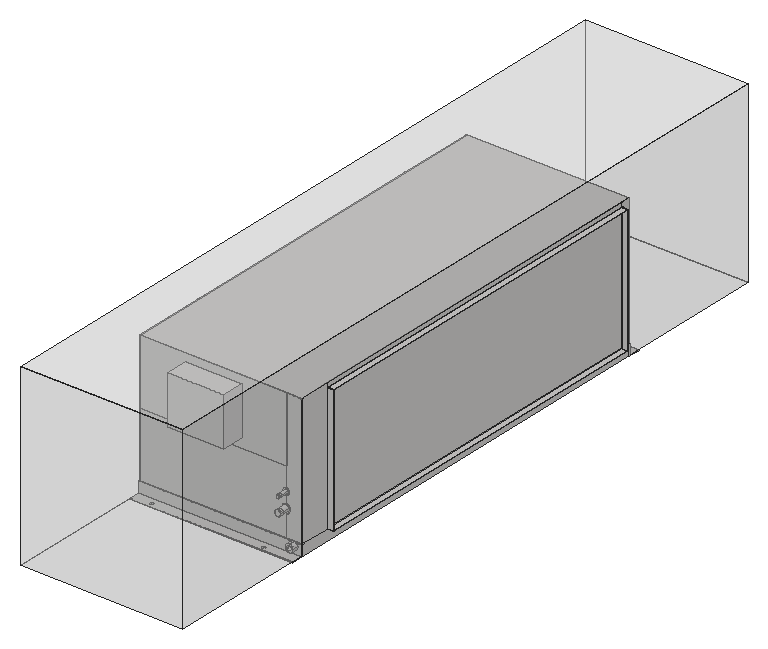
Revit family "outputfile", category 機械設備, Revit 2024 (continued)
Definition of nested family "daikin_rightpanel_FDR-QY1"
  Dimensions and locks
    locked: Extrusion 7 sketch curve to Extrusion 7 sketch curve at 419
    locked: plane 7 to Extrusion 7 sketch curve at 19
    locked: Extrusion 7 sketch curve to Extrusion 7 sketch curve at 355
    locked: Extrusion 8 sketch curve to Extrusion 8 sketch curve at 360
    locked: Extrusion 8 sketch curve to Extrusion 8 sketch curve at 40
    locked: Extrusion 8 sketch curve to plane 2 "Bottom" at 71.4
    locked: Extrusion 9 sketch curve to Extrusion 9 sketch curve at 412
    locked: Extrusion 9 sketch curve to Extrusion 9 sketch curve at 121
    locked: Extrusion 9 sketch curve to Extrusion 9 sketch curve at 47
    locked: Extrusion 9 sketch curve to Extrusion 9 sketch curve at 313
    locked: Extrusion 9 sketch curve to Extrusion 9 sketch curve at 42
    locked: Extrusion 10 sketch curve to Extrusion 10 sketch curve at 82
    locked: Extrusion 10 sketch curve to plane 2 "Bottom" at 61
    locked: Extrusion 11 sketch curve to plane 8 at 19
    locked: Extrusion 11 sketch curve to plane 2 "Bottom" at 61
    "ld_liquidpipe": plane 16 to plane 1 "Center (Front/Back)"
    "ld_gaspipe": plane 17 "ld_g" to plane 1 "Center (Front/Back)"
    "内径_liquidpipe": diameter of Extrusion 12 sketch curve
    "外径_liquidpipe": diameter of Extrusion 13 sketch curve
    "内径_gaspipe": diameter of Extrusion 14 sketch curve
    "外径_gaspipe": diameter of Extrusion 15 sketch curve
    aligned and locked: level to plane 2 "Bottom"
    aligned and locked: Extrusion 1 sketch curve to plane 9
    aligned and locked: Extrusion 1 sketch curve to plane 7
    aligned and locked: plane 10 to Extrusion 1 sketch curve
    aligned and locked: Extrusion 1 sketch curve to plane 8
    aligned and locked: Extrusion 1 to plane 11
    aligned and locked: Extrusion 1 to plane 1 "Center (Front/Back)"
    aligned and locked: Extrusion 2 sketch curve to plane 6
    aligned and locked: Extrusion 2 sketch curve to plane 5
    aligned and locked: Extrusion 3 sketch curve to plane 6
    aligned and locked: plane 4 to Extrusion 3 sketch curve
    aligned and locked: plane 13 "lh_l" to Extrusion 4 sketch curve
    aligned and locked: plane 15 "lw_l" to Extrusion 4 sketch curve
    aligned and locked: plane 12 "lh_g" to Extrusion 5 sketch curve
    aligned and locked: plane 14 "lw_g" to Extrusion 5 sketch curve
    aligned and locked: Extrusion 6 sketch curve to plane 5
    aligned and locked: Extrusion 7 sketch curve to plane 6
    aligned and locked: plane 4 to Extrusion 8 sketch curve
    aligned and locked: Extrusion 9 sketch curve to Extrusion 9 sketch curve
    aligned and locked: Extrusion 9 sketch curve to plane 6
    aligned and locked: Extrusion 9 sketch curve to plane 5
    aligned and locked: Extrusion 10 sketch curve to plane 5
    aligned and locked: Extrusion 10 sketch curve to plane 6
    aligned and locked: Extrusion 11 sketch curve to plane 6
    aligned and locked: plane 4 to Extrusion 11 sketch curve
    aligned and locked: plane 13 "lh_l" to Extrusion 12 sketch curve
    aligned and locked: plane 15 "lw_l" to Extrusion 12 sketch curve
    aligned and locked: Extrusion 12 to plane 1 "Center (Front/Back)"
    aligned and locked: Extrusion 12 to plane 16
    aligned and locked: plane 13 "lh_l" to Extrusion 13 sketch curve
    aligned and locked: plane 15 "lw_l" to Extrusion 13 sketch curve
    aligned and locked: plane 12 "lh_g" to Extrusion 14 sketch curve
    aligned and locked: plane 14 "lw_g" to Extrusion 14 sketch curve
    aligned and locked: Extrusion 14 to plane 17 "ld_g"
    aligned and locked: Extrusion 14 to plane 1 "Center (Front/Back)"
    aligned and locked: plane 12 "lh_g" to Extrusion 15 sketch curve
    aligned and locked: plane 14 "lw_g" to Extrusion 15 sketch curve
    aligned and locked: plane 14 "lw_g" to Extrusion 16 sketch curve
    aligned and locked: plane 12 "lh_g" to Extrusion 16 sketch curve
    aligned and locked: plane 15 "lw_l" to Extrusion 16 sketch curve
    aligned and locked: plane 13 "lh_l" to Extrusion 16 sketch curve
  Automatic sketch dimensions
    radius of Extrusion 4 sketch curve = 16.0 mm
    radius of Extrusion 5 sketch curve = 25.0 mm
    radius of Extrusion 16 sketch curve = 16.0 mm
    radius of Extrusion 16 sketch curve = 21.0 mm
Definition of nested family "daikin_connector_rotate2"
  Parameters (values of type "daikin_connector_rotate2")
    Default Elevation = 1219.2 mm
    show_face = no
    radius [instance] = 10.0 mm
    length [instance] = 600.0 mm
    d_surface = 10.0 mm
    angle_vertical [instance] = 90.00°
  Reference planes
    plane 1 "Center (Front/Back)": y = 0
    plane 2: z = 0
    plane 3 "Center (Left/Right)": x = 0
  Forms (mm)
    Extrusion 1, solid, visible <- "show_face"
      sketch origin (0, -600, 0) x (1, 0, 0) y (0, 0, 1)
        loop
          circle (0, 0) r 10
      from 0 to -10
  Lines and regions (mm)
    reference lines
      curve 1: line (0, 0, 0) -> (0, -600, 0)
    symbolic lines
      curve 2: circle (0, 0, 0) r 5 normal (0, 0, 1)
    model lines, visible <- "show_face"
      curve 3: line (0, 0, 0) -> (0, -600, 0)
  Dimensions and locks
    "length": curve 1 to curve 1
    "length": curve 3 to curve 3
    "d_surface": Extrusion 1 to Extrusion 1
    "radius": radius of Extrusion 1 sketch curve
    "angle_vertical": angle curve 1 to plane 1 "Center (Front/Back)"
    "angle_vertical": angle curve 3 to plane 1 "Center (Front/Back)"
    aligned and locked: level to plane 2
    aligned and locked: plane 1 "Center (Front/Back)" to curve 1
    aligned and locked: plane 2 to curve 1
    aligned and locked: plane 1 "Center (Front/Back)" to curve 2
    aligned and locked: plane 3 "Center (Left/Right)" to curve 2
    aligned and locked: plane 1 "Center (Front/Back)" to curve 3
    aligned and locked: plane 2 to curve 3
    aligned and locked: Extrusion 1 to Extrusion 1
  Automatic sketch dimensions
    Extrusion 1 sketch curve to level = 0.0 mm
    Extrusion 1 sketch curve to plane 3 "Center (Left/Right)" = 0.0 mm
    radius of curve 2 = 5.0 mm
Definition of nested family "daikin_△_symbolicline"
  Parameters (values of type "daikin_△_symbolicline")
    length [instance] = 200.0 mm
    Default Elevation = 0.0 mm
  Reference planes
    plane 1 "Center (Front/Back)": y = 0
    plane 2: z = 0
    plane 3 "Center (Left/Right)": x = 0
  Lines and regions (mm)
    symbolic lines
      curve 1: line (0, -173.205, 0) -> (100, 0, 0)
      curve 2: line (100, 0, 0) -> (-100, 0, 0)
      curve 3: line (-100, 0, 0) -> (0, -173.205, 0)
  Dimensions and locks
    equal spacing: curve 3, plane 3 "Center (Left/Right)", curve 2
    "length": curve 3 to curve 2
    "length": curve 3 to curve 3
    "length": curve 1 to curve 1
    aligned and locked: level to plane 2
    aligned and locked: curve 2 to plane 1 "Center (Front/Back)"
    aligned and locked: plane 3 "Center (Left/Right)" to curve 3
Definition of nested family "daikin_mountinghole"
  Parameters (values of type "daikin_mountinghole")
    Default Elevation = 1219.2 mm
    Type Comments = "mountinghole"
    show [instance] = yes
    material = none
    l_centerline = 100.0 mm
    l_antenna [instance] = 100.0 mm
    h_mountinghole [instance] = 0.0 mm
    d_circle = 30.0 mm
    Link_Nested Family [instance] = ""
  Reference planes
    plane 1 "Center (Front/Back)": y = 0
    plane 2: z = 0
    plane 3 "Center (Left/Right)": x = 0
    plane 4: y = 50
    plane 5: x = -50
    plane 6: x = 50
    plane 7: y = -50
    plane 8 "h_mountinghole": z = 0
    plane 9: z = 100
  Lines and regions (mm)
    model lines, detail levels fine
      curve 1: circle (0, 0, 0) r 15 normal (0, 0, 1)
      curve 2: line (-50, 0, 0) -> (50, 0, 0)
      curve 3: line (0, 50, 0) -> (0, -50, 0)
    symbolic lines, detail levels fine
      curve 4: circle (0, 0, 0) r 15 normal (0, 0, 1)
      curve 5: line (-50, 0, 0) -> (50, 0, 0)
      curve 6: line (0, 50, 0) -> (0, -50, 0)
    model lines
      curve 7: line (0, 0, 100) -> (0, 0, 0)
  Dimensions and locks
    equal spacing: plane 4, plane 1 "Center (Front/Back)", plane 7
    "l_centerline": plane 4 to plane 7
    equal spacing: plane 5, plane 3 "Center (Left/Right)", plane 6
    "l_centerline": plane 5 to plane 6
    "l_antenna": plane 9 to plane 8 "h_mountinghole"
    "h_mountinghole": plane 8 "h_mountinghole" to plane 2
    "d_circle": diameter of curve 1
    "d_circle": diameter of curve 4
    aligned and locked: level to plane 2
    aligned and locked: plane 1 "Center (Front/Back)" to curve 1
    aligned and locked: plane 3 "Center (Left/Right)" to curve 1
    aligned and locked: plane 1 "Center (Front/Back)" to curve 2
    aligned and locked: curve 3 to plane 3 "Center (Left/Right)"
    aligned and locked: plane 6 to curve 2
    aligned and locked: plane 5 to curve 2
    aligned and locked: plane 4 to curve 3
    aligned and locked: plane 7 to curve 3
    aligned and locked: plane 1 "Center (Front/Back)" to curve 4
    aligned and locked: plane 3 "Center (Left/Right)" to curve 4
    aligned and locked: plane 6 to curve 5
    aligned and locked: plane 5 to curve 5
    aligned and locked: plane 1 "Center (Front/Back)" to curve 5
    aligned and locked: plane 4 to curve 6
    aligned and locked: plane 7 to curve 6
    aligned and locked: curve 6 to plane 3 "Center (Left/Right)"
    aligned and locked: curve 7 to plane 3 "Center (Left/Right)"
    aligned and locked: plane 9 to curve 7
    aligned and locked: plane 8 "h_mountinghole" to curve 7
